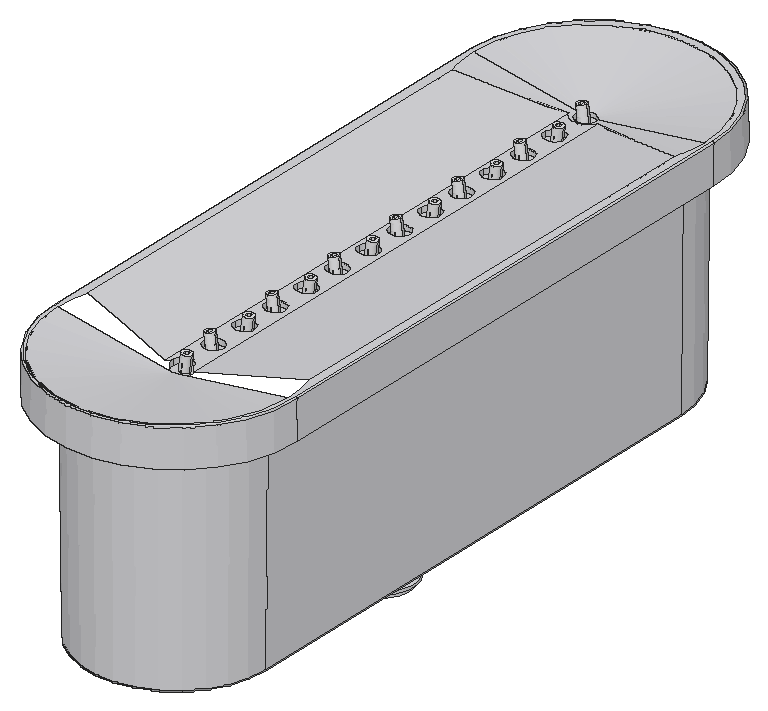
Revit family "Shower-Body_Spray-KOHLER-K-26300T_1", category Plumbing Fixtures, host Face, Revit 2017
Family settings
  Host = Face
  Round Connector Dimension = Use Diameter
  Part Type = Normal
  OmniClass Number = 23.31.17.00
  OmniClass Title = Showers
  Cut with Voids When Loaded = No
  Shared = No
  Room Calculation Point = No
Parameters (values of type "CP- Polished Chrome")
  Width = 3 119/256"  # constant formula
  WaterSense Certified = 1 = 0  # no
  Waste Water Outlet = "Waste Water Outlet"  # constant formula
  Waste Connection = 1 = 0  # no
  Vent Connection = 1 = 0  # no
  URL = "http://www.kohler.com.cn/"
  Type = 1
  Tempered Water Inlet = "Tempered Water Inlet"  # constant formula
  Product Page URL = ""
  Product Name = ""
  Product Documentation Link = ""
  Pressure = 80.00 psi  # constant formula
  Model = if(Type = 1, "K-26300T-CP", if(Type = 2, "K-26300T-BN", if(Type = 3, "K-26300T-BL", if(Type = 4, "K-26300T-2MB", "NA"))))  # "K-26300T-CP"
  Material = "Plastic"  # constant formula
  Master Format 2014 Name = "Residential Showers"  # constant formula
  Master Format 2014 = "22 42 23"  # constant formula
  Manufacturer Address = "Kohler Beijing Office (100016) 36-2-03-B, No. 88, Liuxiang Road, Beijing"  # constant formula
  Manufacturer = "KOHLER Co."  # constant formula
  Length = 10 111/128"  # constant formula
  Hot Water Inlet = "Hot Water Inlet"  # constant formula
  Height = 4 145/256"  # constant formula
  HW Connection = 1 = 1  # yes
  Flow Rate = 2.5 GPM  # constant formula
  Finish = KOHLER-Plastic-CP-Polished_Chrome
  Environmental Product Declaration = ""
  Drain Included = 1 = 0  # no
  Description = "VICHY BODY SPRAY"  # constant formula
  Default Elevation = 42"
  Declare Label = ""
  Date Modified = "02/05/2021"  # constant formula
  Date Created = "02/05/2021"  # constant formula
  Copyright = "Copyright KOHLER Co."  # constant formula
  Contact Us = "http://www.kohler.com.cn/contact/contact-us/"
  Cold Water Inlet = "Cold Water Inlet"  # constant formula
  CW Connection = 1 = 0  # no
  Assembly Code = "D2010700"
  ADA Compliant = 1 = 0  # no
Types (5): name | Type | Model | Finish | Default Elevation
  (no name) | 1 | "K-26300T-CP" | KOHLER-Plastic-CP-Polished_Chrome | 42"
  CP- Polished Chrome | 1 | "K-26300T-CP" | KOHLER-Plastic-CP-Polished_Chrome | 42"
  BN- Roman Silver | 2 | "K-26300T-BN" | KOHLER-Plastic-BN-Vibrant_Brushed_Nickel | 0"
  BL-Primary Black | 3 | "K-26300T-BL" | KOHLER-Plastic-BL-Matte_Black | 0"
  2MB- Brushed Moderne Brass | 4 | "K-26300T-2MB" | KOHLER-Plastic-2MB-Vibrant_Brushed_Moderne_Brass | 0"
Reference planes (in)
  plane 1 "Center (Front/Back)": y = 0
  plane 2: z = 0
  plane 3 "Center (Left/Right)": x = 0
  plane 4: z = -4.01523
  plane 5: z = -3.09055
  plane 6: y = 4.37008
  plane 7: y = 5.43307
  plane 8: y = -5.43412
  plane 9: z = 0.55118
  plane 10: x = -1.73228
  plane 11: x = 1.73256
  plane 12: x = -1.29921
  plane 13: x = 1.29921
  plane 14: y = -4.37008
Forms (in)
  Extrusion 1, void
    sketch origin (0, 0, 0) x (1, 0, 0) y (0, 1, 0)
      loop
        arc (1.65354, 3.70007) -> (0, 5.35361) -> (-1.65354, 3.70007) r 1.65354
        line (-1.65354, 3.70007) -> (-1.65354, -3.70007)
        arc (-1.65354, -3.70007) -> (0, -5.35361) -> (1.65354, -3.70007) r 1.65354
        line (1.65354, -3.70007) -> (1.65354, 3.70007)
    from 0 to -3.38583
Dimensions and locks (in)
  "Length": plane 7 to plane 8
  "Width": plane 10 to plane 11
  plane 6 to plane 14 = 8.74016"
  level to plane 9 = 0.55118"
  level to plane 4 = 4.01523"  (x2)
  level to plane 5 = 3.09055"
  plane 7 to plane 8 = 10 111/128"
  plane 12 to plane 13 = 2.59843"
  plane 9 to level = 0.55118"
  plane 10 to plane 11 = 3 119/256"
  "Height": plane 4 to plane 9
  aligned and locked: plane 2 to host face
  aligned and locked: level to host face
  aligned and locked: plane 3 "Center (Left/Right)" to nested 1
  aligned and locked: plane 1 "Center (Front/Back)" to nested 1
  aligned and locked: nested 1 to level
Automatic sketch dimensions
  host sketch curve to host sketch curve = 96"  (x2)
  Extrusion 1 sketch curve to plane 3 "Center (Left/Right)" = 0"
  Extrusion 1 sketch curve to plane 10 = 0.07874"
  Extrusion 1 sketch curve to plane 14 = 0.67001"
  Extrusion 1 sketch curve to plane 6 = 0.67001"
Nested families (in)
  nested 1: "K-26300T" at (0, 0, -3.38583), type "K-26300T"
Connectors (in)
  piping at (0, 0, -4.01575), diameter 0.5, driven by "Flow Rate", driven by "Pressure", driven by "HW Connection", driven by "Tempered Water Inlet"
    settings: on nested 1, index 1, connector inside diameter 24", connector length 0", flow factor 0, pipe flow 2.5 GPM, pressure drop 80.00 psi, fitting loss kfactor 0, connector angle 0.00°, fixture units 0, engagement length 0", angle of deflection 0.00°, flow configuration 1, flow direction 1, fitting loss method 4, system type 19, joint type 0, gender type 0, connector reference index -1, connector utility 1, adjustable connector no, is connector primary yes, connector description "Tempered Water Inlet"
Definition of nested family "K-26300T"
  Parameters (values of type "K-26300T")
    Material = none
  Reference planes (in)
    plane 1 "Center (Front/Back)": y = 0
    plane 2: z = 0
    plane 3 "Center (Left/Right)": x = 0
    plane 4: y = 5.43307
    plane 5: y = -5.43307
    plane 6: x = -1.73228
    plane 7: x = 1.73228
    plane 8: y = 4.37008
    plane 9: y = -4.37008
    plane 10: z = 3.93701
    plane 11: z = 3.38583
    plane 12: z = 0.29528
    plane 13: z = -0.62992
    plane 14: x = -1.29921
    plane 15: x = 1.29921
  Forms (in)
    Sweep 1, solid, material <- "Material", detail levels medium+fine
      path origin (0, 0, 0) x (1, 0, 0) y (0, 1, 0)
        loop
          arc (1.731, 3.70007) -> (0, 5.43106) -> (-1.731, 3.70007) r 1.731
          line (-1.731, 3.70007) -> (-1.731, -3.70049)
          arc (-1.731, -3.70049) -> (0, -5.43148) -> (1.731, -3.70049) r 1.731
          line (1.731, -3.70049) -> (1.731, 3.70007)
      profile origin (1.731, -0.00021, 0) x (1, 0, 0) y (0, 0, 1)
        loop
          line (0, 3.396) -> (-0.01067, 3.92599)
          arc (-0.01067, 3.92599) -> (-0.01668, 3.93989) -> (-0.03069, 3.94561) r 0.02002
          line (-0.03069, 3.94561) -> (-0.58799, 3.94561) -> (-0.58799, 0.30545) -> (-0.47845, 0.30545)
          arc (-0.47845, 0.30545) -> (-0.46446, 0.31121) -> (-0.45858, 0.32515) r 0.01987
          line (-0.45858, 0.32515) -> (-0.43178, 3.396) -> (0, 3.396)
    Extrusion 2, solid, material <- "Material", detail levels medium+fine
      sketch origin (0, 0, 0) x (1, 0, 0) y (0, 1, 0)
        loop
          arc (-1.143, -3.70049) -> (0, -4.84349) -> (1.143, -3.70049) r 1.143
          line (1.143, -3.70049) -> (1.143, 3.70007)
          arc (1.143, 3.70007) -> (0, 4.84307) -> (-1.143, 3.70007) r 1.143
          line (-1.143, 3.70007) -> (-1.143, -3.70049)
      from 0.30545 to 3.94561
    Extrusion 3, void
      sketch origin (0, 0, 0) x (1, 0, 0) y (0, 0, 1)
        loop
          line (0.20833, 3.72268) -> (1.57581, 3.94561) -> (1.57581, 4.01399) -> (-1.57581, 4.01399) -> (-1.57581, 3.94561) -> (-0.20833, 3.72268) -> (0.20833, 3.72268)
      from -3.72679 to 3.79527
    Revolve 4, void
      sketch origin (0, 0, 0) x (0, 1, 0) y (0, 0, 1)
        loop
          line (-5.83099, 4.01497) -> (-3.75129, 3.68558) -> (-3.75129, 4.01497) -> (-5.83099, 4.01497)
        axis (-3.75129, 4.01497) -> (-3.75129, 3.68558)
      angle from -90 to 270
    Revolve 5, void
      sketch origin (-6.70036, 3.64367, 47.24409) x (-1, 0, 0) y (0, 0, 1)
        loop
          line (-6.69976, -43.55858) -> (-4.99667, -43.28884) -> (-6.69976, -43.28884) -> (-6.69976, -43.55858)
        axis (-6.69976, -43.28884) -> (-6.69976, -43.55858)
      angle from 0 to 360
    Extrusion 6, solid, detail levels medium+fine
      sketch origin (-0.52515, 0, 0.04308) x (0.990268, 0, -0.139173) y (0, 1, 0)
        loop
          circle (0.04432, -0.27499) r 0.07032
        loop
          circle (0.04432, -0.27499) r 0.03271
      from 3.58349 to 3.87596
    Extrusion 7, solid, detail levels medium+fine
      sketch origin (-0.52515, -1.10584, 0.04308) x (0.990268, 0, -0.139173) y (0, 1, 0)
        loop
          circle (0.04432, -0.27499) r 0.07032
        loop
          circle (0.04432, -0.27499) r 0.03271
      from 3.58349 to 3.87596
    Extrusion 8, solid, detail levels medium+fine
      sketch origin (-0.52515, -2.20617, 0.04308) x (0.990268, 0, -0.139173) y (0, 1, 0)
        loop
          circle (0.04432, -0.27499) r 0.07032
        loop
          circle (0.04432, -0.27499) r 0.03271
      from 3.58349 to 3.87596
    Extrusion 9, solid, detail levels medium+fine
      sketch origin (-0.52515, -3.30677, 0.04308) x (0.990268, 0, -0.139173) y (0, 1, 0)
        loop
          circle (0.04432, -0.27499) r 0.07032
        loop
          circle (0.04432, -0.27499) r 0.03271
      from 3.58349 to 3.87596
    Extrusion 10, solid, detail levels medium+fine
      sketch origin (0.52515, -0.55135, 0.04308) x (-0.990268, 0, -0.139173) y (0, -1, 0)
        loop
          circle (0.04432, 0.27499) r 0.07032
        loop
          circle (0.04432, 0.27499) r 0.03271
      from 3.58349 to 3.87596
    Extrusion 11, solid, detail levels medium+fine
      sketch origin (0.52515, -1.64969, 0.04308) x (-0.990268, 0, -0.139173) y (0, -1, 0)
        loop
          circle (0.04432, 0.27499) r 0.07032
        loop
          circle (0.04432, 0.27499) r 0.03271
      from 3.58349 to 3.87596
    Extrusion 12, solid, detail levels medium+fine
      sketch origin (0.52515, -2.75456, 0.04308) x (-0.990268, 0, -0.139173) y (0, -1, 0)
        loop
          circle (0.04432, 0.27499) r 0.07032
        loop
          circle (0.04432, 0.27499) r 0.03271
      from 3.58349 to 3.87596
    Extrusion 13, solid, detail levels medium+fine
      sketch origin (-0.52515, 3.29969, 0.04308) x (0.990268, 0, -0.139173) y (0, 1, 0)
        loop
          circle (0.04432, -0.27499) r 0.07032
        loop
          circle (0.04432, -0.27499) r 0.03271
      from 3.58349 to 3.87596
    Extrusion 14, solid, detail levels medium+fine
      sketch origin (-0.52515, 2.19936, 0.04308) x (0.990268, 0, -0.139173) y (0, 1, 0)
        loop
          circle (0.04432, -0.27499) r 0.07032
        loop
          circle (0.04432, -0.27499) r 0.03271
      from 3.58349 to 3.87596
    Extrusion 15, solid, detail levels medium+fine
      sketch origin (-0.52515, 1.09876, 0.04308) x (0.990268, 0, -0.139173) y (0, 1, 0)
        loop
          circle (0.04432, -0.27499) r 0.07032
        loop
          circle (0.04432, -0.27499) r 0.03271
      from 3.58349 to 3.87596
    Extrusion 16, solid, detail levels medium+fine
      sketch origin (0.52515, 3.85418, 0.04308) x (-0.990268, 0, -0.139173) y (0, -1, 0)
        loop
          circle (0.04432, 0.27499) r 0.07032
        loop
          circle (0.04432, 0.27499) r 0.03271
      from 3.58349 to 3.87596
    Extrusion 17, solid, detail levels medium+fine
      sketch origin (0.52515, 2.75584, 0.04308) x (-0.990268, 0, -0.139173) y (0, -1, 0)
        loop
          circle (0.04432, 0.27499) r 0.07032
        loop
          circle (0.04432, 0.27499) r 0.03271
      from 3.58349 to 3.87596
    Extrusion 18, solid, detail levels medium+fine
      sketch origin (0.52515, 1.65097, 0.04308) x (-0.990268, 0, -0.139173) y (0, -1, 0)
        loop
          circle (0.04432, 0.27499) r 0.07032
        loop
          circle (0.04432, 0.27499) r 0.03271
      from 3.58349 to 3.87596
    Extrusion 19, solid, detail levels medium+fine
      sketch origin (0.52515, -0.00038, 0.04308) x (-0.990268, 0, -0.139173) y (0, -1, 0)
        loop
          circle (0.04432, -0.27499) r 0.07032
        loop
          circle (0.04432, -0.27499) r 0.03271
      from 3.58349 to 3.87596
    Revolve 20, solid, material <- "Material", detail levels medium+fine
      sketch origin (0, 0, 0) x (0, 1, 0) y (0, 0, 1)
        loop
          line (0, 0.30545) -> (0, -0.62992) -> (0.35375, -0.62992) -> (0.35375, -0.58706) -> (0.41982, -0.54892) -> (0.41982, -0.51425) -> (0.35375, -0.47611) -> (0.35375, -0.42836) -> (0.41982, -0.39021) -> (0.41982, -0.35555) -> (0.35375, -0.3174) -> (0.35375, -0.26966) -> (0.41982, -0.23151) -> (0.41982, -0.19685) -> (0.35375, -0.1587) -> (0.35375, -0.11095) -> (0.41982, -0.07281) -> (0.41982, -0.03815) -> (0.35375, 0) -> (0.35375, 0.04775) -> (0.41982, 0.08589) -> (0.41982, 0.12056) -> (0.35375, 0.1587) -> (0.35375, 0.19449) -> (0.41982, 0.23264) -> (0.41982, 0.30545) -> (0, 0.30545)
        axis (0, 0.30545) -> (0, -0.62992)
      angle from 0 to 360
    Extrusion 21, void
      sketch origin (0, 0, 0) x (1, 0, 0) y (0, 1, 0)
        loop
          circle (0, 3.5816) r 0.14425
        loop
          circle (0, 3.0247) r 0.14425
        loop
          circle (0, 2.47508) r 0.14425
        loop
          circle (0, 1.92445) r 0.14425
        loop
          circle (0, 1.37222) r 0.14425
        loop
          circle (0, 0.82377) r 0.14425
        loop
          circle (0, 0.28061) r 0.14425
        loop
          circle (0, -0.27499) r 0.14425
        loop
          circle (0, -0.82721) r 0.14425
        loop
          circle (0, -1.37647) r 0.14425
        loop
          circle (0, -1.93197) r 0.14425
        loop
          circle (0, -2.48127) r 0.14425
        loop
          circle (0, -3.02874) r 0.14425
        loop
          circle (0, -3.58176) r 0.14425
      from 3.65033 to 4.21312
    Extrusion 22, solid, material <- "Material", detail levels coarse
      sketch origin (0, 0, 0) x (1, 0, 0) y (0, 1, 0)
        loop
          line (-1.731, 3.70007) -> (-1.731, -3.70049)
          arc (-1.731, -3.70049) -> (0, -5.43148) -> (1.731, -3.70049) r 1.731
          line (1.731, -3.70049) -> (1.731, 3.70007)
          arc (1.731, 3.70007) -> (0, 5.43106) -> (-1.731, 3.70007) r 1.731
      from 3.396 to 3.94561
    Extrusion 23, solid, material <- "Material", detail levels coarse
      sketch origin (0, 0, 0) x (1, 0, 0) y (0, 1, 0)
        loop
          circle (0, 0) r 0.41982
      from -0.62992 to 0.30545
    Extrusion 24, solid, material <- "Material", detail levels coarse
      sketch origin (0, 0, 0) x (1, 0, 0) y (0, 1, 0)
        loop
          line (-1.29921, 3.70007) -> (-1.29921, -3.70049)
          arc (-1.29921, -3.70049) -> (0, -4.9997) -> (1.29921, -3.70049) r 1.29921
          line (1.29921, -3.70049) -> (1.29921, 3.70007)
          arc (1.29921, 3.70007) -> (0, 4.99928) -> (-1.29921, 3.70007) r 1.29921
      from 0.30545 to 3.396
  Cuts and joins
    Extrusion 3, Revolve 4, Revolve 5, Extrusion 21 cuts Sweep 1
    Extrusion 3, Revolve 4, Revolve 5, Extrusion 21 cuts Extrusion 2
    joined: Sweep 1, Extrusion 2
  Lines and regions (in)
    Masking region 1
      outline origin (0, 0, 0) x (1, 0, 0) y (0, 1, 0)
        loop
          line (1.73228, -3.70173) -> (1.73228, 3.70171)
          arc (1.73228, 3.70171) -> (0, 5.43399) -> (-1.73228, 3.70171) r 1.73228
          line (-1.73228, 3.70171) -> (-1.73228, -3.70173)
          arc (-1.73228, -3.70173) -> (0, -5.43401) -> (1.73228, -3.70173) r 1.73228
    Masking region 2
      outline origin (0, 0, 0) x (1, 0, 0) y (0, 0, 1)
        loop
          line (-0.41996, 0.29528) -> (-0.41996, 0.23264) -> (-0.35389, 0.19449) -> (-0.35389, 0.1587) -> (-0.41996, 0.12056) -> (-0.41996, 0.08589) -> (-0.35389, 0.04775) -> (-0.35389, 0) -> (-0.41996, -0.03815) -> (-0.41996, -0.07281) -> (-0.35389, -0.11095) -> (-0.35389, -0.1587) -> (-0.41996, -0.19685) -> (-0.41996, -0.23151) -> (-0.35389, -0.26966) -> (-0.35389, -0.3174) -> (-0.41996, -0.35555) -> (-0.41996, -0.39021) -> (-0.35389, -0.42836) -> (-0.35389, -0.47611) -> (-0.41996, -0.51425) -> (-0.41996, -0.54892) -> (-0.35389, -0.58706) -> (-0.35389, -0.62992) -> (0.35389, -0.62992) -> (0.35389, -0.58706) -> (0.41996, -0.54892) -> (0.41996, -0.51425) -> (0.35389, -0.47611) -> (0.35389, -0.42836) -> (0.41996, -0.39021) -> (0.41996, -0.35555) -> (0.35389, -0.3174) -> (0.35389, -0.26966) -> (0.41996, -0.23151) -> (0.41996, -0.19685) -> (0.35389, -0.1587) -> (0.35389, -0.11095) -> (0.41996, -0.07281) -> (0.41996, -0.03815) -> (0.35389, 0) -> (0.35389, 0.04775) -> (0.41996, 0.08589) -> (0.41996, 0.12056) -> (0.35389, 0.1587) -> (0.35389, 0.19449) -> (0.41996, 0.23264) -> (0.41996, 0.29528) -> (1.25192, 0.29528)
          arc (1.25192, 0.29528) -> (1.26617, 0.30114) -> (1.27216, 0.31534) r 0.02024
          line (1.27216, 0.31534) -> (1.29895, 3.38583) -> (1.731, 3.38583) -> (1.72052, 3.91676)
          arc (1.72052, 3.91676) -> (1.71433, 3.9311) -> (1.69987, 3.93701) r 0.02066
          line (1.69987, 3.93701) -> (-1.69987, 3.93701)
          arc (-1.69987, 3.93701) -> (-1.71433, 3.9311) -> (-1.72052, 3.91676) r 0.02066
          line (-1.72052, 3.91676) -> (-1.731, 3.38583) -> (-1.29895, 3.38583) -> (-1.27216, 0.31534)
          arc (-1.27216, 0.31534) -> (-1.26617, 0.30114) -> (-1.25192, 0.29528) r 0.02024
          line (-1.25192, 0.29528) -> (-0.41996, 0.29528)
    Masking region 3
      outline origin (0, 0, 0) x (0, 1, 0) y (0, 0, 1)
        loop
          line (0.41982, 0.29528) -> (4.31283, 0.29528)
          arc (4.31283, 0.29528) -> (4.3271, 0.30113) -> (4.33312, 0.31532) r 0.02029
          line (4.33312, 0.31532) -> (4.36994, 3.38583) -> (5.43307, 3.38583) -> (5.42052, 3.91647)
          arc (5.42052, 3.91647) -> (5.41419, 3.93102) -> (5.39949, 3.93701) r 0.02104
          line (5.39949, 3.93701) -> (-5.39949, 3.93701)
          arc (-5.39949, 3.93701) -> (-5.41419, 3.93102) -> (-5.42052, 3.91647) r 0.02104
          line (-5.42052, 3.91647) -> (-5.43307, 3.38583) -> (-4.36994, 3.38583) -> (-4.33313, 0.31533)
          arc (-4.33313, 0.31533) -> (-4.3271, 0.30113) -> (-4.31283, 0.29528) r 0.02029
          line (-4.31283, 0.29528) -> (-0.41982, 0.29528) -> (-0.41982, 0.23264) -> (-0.35375, 0.19449) -> (-0.35375, 0.1587) -> (-0.41982, 0.12056) -> (-0.41982, 0.08589) -> (-0.35375, 0.04775) -> (-0.35375, 0) -> (-0.41982, -0.03815) -> (-0.41982, -0.07281) -> (-0.35375, -0.11095) -> (-0.35375, -0.1587) -> (-0.41982, -0.19685) -> (-0.41982, -0.23151) -> (-0.35375, -0.26966) -> (-0.35375, -0.3174) -> (-0.41982, -0.35555) -> (-0.41982, -0.39021) -> (-0.35375, -0.42836) -> (-0.35375, -0.47611) -> (-0.41982, -0.51425) -> (-0.41982, -0.54892) -> (-0.35375, -0.58706) -> (-0.35375, -0.62992) -> (0.35375, -0.62992) -> (0.35375, -0.58706) -> (0.41982, -0.54892) -> (0.41982, -0.51425) -> (0.35375, -0.47611) -> (0.35375, -0.42836) -> (0.41982, -0.39021) -> (0.41982, -0.35555) -> (0.35375, -0.3174) -> (0.35375, -0.26966) -> (0.41982, -0.23151) -> (0.41982, -0.19685) -> (0.35375, -0.1587) -> (0.35375, -0.11095) -> (0.41982, -0.07281) -> (0.41982, -0.03815) -> (0.35375, 0) -> (0.35375, 0.04775) -> (0.41982, 0.08589) -> (0.41982, 0.12056) -> (0.35375, 0.1587) -> (0.35375, 0.19449) -> (0.41982, 0.23264) -> (0.41982, 0.29528)
    symbolic lines, detail levels medium+fine
      curve 1: arc (1.65354, 3.70007, 0) -> (0, 5.35361, 0) -> (-1.65354, 3.70007, 0) r 1.65354
      curve 2: arc (1.65354, -3.70007, 0) -> (0, -5.35361, 0) -> (-1.65354, -3.70007, 0) r 1.65354
      curve 3: line (-1.65354, -3.70007, 0) -> (-1.65354, 3.70007, 0)
      curve 4: line (1.65354, -3.70007, 0) -> (1.65354, 3.70007, 0)
      curve 5: line (-0.20833, 3.64513, 0) -> (-0.20833, -3.64513, 0)
      curve 6: line (0.20833, -3.64513, 0) -> (0.20833, 3.64513, 0)
      curve 7: arc (-0.20833, -3.64513, 0) -> (0, -3.85346, 0) -> (0.20833, -3.64513, 0) r 0.20833
      curve 8: arc (-0.20833, 3.64513, 0) -> (0, 3.85346, 0) -> (0.20833, 3.64513, 0) r 0.20833
      curve 9: spline (-0.05817, 3.61189, 0) -> (-0.04979, 3.61078, 0) -> (-0.04197, 3.60751, 0) -> (-0.03527, 3.60231, 0) -> (-0.03012, 3.59554, 0) -> (-0.02688, 3.58765, 0) -> (-0.02578, 3.57919, 0) -> (-0.02688, 3.57072, 0) -> (-0.03012, 3.56283, 0) -> (-0.03527, 3.55606, 0) -> (-0.04197, 3.55086, 0) -> (-0.04979, 3.54759, 0) -> (-0.05817, 3.54648, 0) -> (-0.06655, 3.54759, 0) -> (-0.07436, 3.55086, 0) -> (-0.08107, 3.55606, 0) -> (-0.08622, 3.56283, 0) -> (-0.08945, 3.57072, 0) -> (-0.09056, 3.57919, 0) -> (-0.08945, 3.58765, 0) -> (-0.08622, 3.59554, 0) -> (-0.08107, 3.60231, 0) -> (-0.07436, 3.60751, 0) -> (-0.06655, 3.61078, 0) -> (-0.05817, 3.61189, 0)
      curve 10: spline (-0.05817, 3.50887, 0) -> (-0.04015, 3.51126, 0) -> (-0.02335, 3.51829, 0) -> (-0.00893, 3.52946, 0) -> (0.00214, 3.54403, 0) -> (0.00909, 3.56099, 0) -> (0.01147, 3.57919, 0) -> (0.00909, 3.59739, 0) -> (0.00214, 3.61435, 0) -> (-0.00893, 3.62891, 0) -> (-0.02335, 3.64009, 0) -> (-0.04015, 3.64711, 0) -> (-0.05817, 3.64951, 0) -> (-0.07619, 3.64711, 0) -> (-0.09299, 3.64009, 0) -> (-0.10741, 3.62891, 0) -> (-0.11848, 3.61435, 0) -> (-0.12543, 3.59739, 0) -> (-0.12781, 3.57919, 0) -> (-0.12543, 3.56099, 0) -> (-0.11848, 3.54403, 0) -> (-0.10741, 3.52946, 0) -> (-0.09299, 3.51829, 0) -> (-0.07619, 3.51126, 0) -> (-0.05817, 3.50887, 0)
      curve 11: spline (0.05817, 3.05741, 0) -> (0.06655, 3.05629, 0) -> (0.07436, 3.05303, 0) -> (0.08107, 3.04783, 0) -> (0.08622, 3.04105, 0) -> (0.08945, 3.03317, 0) -> (0.09056, 3.0247, 0) -> (0.08945, 3.01624, 0) -> (0.08622, 3.00835, 0) -> (0.08107, 3.00157, 0) -> (0.07436, 2.99638, 0) -> (0.06655, 2.99311, 0) -> (0.05817, 2.99199, 0) -> (0.04979, 2.99311, 0) -> (0.04197, 2.99638, 0) -> (0.03527, 3.00157, 0) -> (0.03012, 3.00835, 0) -> (0.02688, 3.01624, 0) -> (0.02578, 3.0247, 0) -> (0.02688, 3.03317, 0) -> (0.03012, 3.04105, 0) -> (0.03527, 3.04783, 0) -> (0.04197, 3.05303, 0) -> (0.04979, 3.05629, 0) -> (0.05817, 3.05741, 0)
      curve 12: spline (0.05817, 2.95438, 0) -> (0.07619, 2.95678, 0) -> (0.09299, 2.9638, 0) -> (0.10741, 2.97498, 0) -> (0.11848, 2.98954, 0) -> (0.12543, 3.0065, 0) -> (0.12781, 3.0247, 0) -> (0.12543, 3.0429, 0) -> (0.11848, 3.05986, 0) -> (0.10741, 3.07443, 0) -> (0.09299, 3.0856, 0) -> (0.07619, 3.09263, 0) -> (0.05817, 3.09502, 0) -> (0.04015, 3.09263, 0) -> (0.02335, 3.0856, 0) -> (0.00893, 3.07443, 0) -> (-0.00214, 3.05986, 0) -> (-0.00909, 3.0429, 0) -> (-0.01147, 3.0247, 0) -> (-0.00909, 3.0065, 0) -> (-0.00214, 2.98954, 0) -> (0.00893, 2.97498, 0) -> (0.02335, 2.9638, 0) -> (0.04015, 2.95678, 0) -> (0.05817, 2.95438, 0)
      curve 13: spline (-0.05817, 2.51356, 0) -> (-0.04979, 2.51244, 0) -> (-0.04197, 2.50918, 0) -> (-0.03527, 2.50398, 0) -> (-0.03012, 2.4972, 0) -> (-0.02688, 2.48932, 0) -> (-0.02578, 2.48085, 0) -> (-0.02688, 2.47239, 0) -> (-0.03012, 2.4645, 0) -> (-0.03527, 2.45772, 0) -> (-0.04197, 2.45253, 0) -> (-0.04979, 2.44926, 0) -> (-0.05817, 2.44814, 0) -> (-0.06655, 2.44926, 0) -> (-0.07436, 2.45253, 0) -> (-0.08107, 2.45772, 0) -> (-0.08622, 2.4645, 0) -> (-0.08945, 2.47239, 0) -> (-0.09056, 2.48085, 0) -> (-0.08945, 2.48932, 0) -> (-0.08622, 2.4972, 0) -> (-0.08107, 2.50398, 0) -> (-0.07436, 2.50918, 0) -> (-0.06655, 2.51244, 0) -> (-0.05817, 2.51356, 0)
      curve 14: spline (-0.05817, 2.41053, 0) -> (-0.04015, 2.41293, 0) -> (-0.02335, 2.41995, 0) -> (-0.00893, 2.43113, 0) -> (0.00214, 2.44569, 0) -> (0.00909, 2.46265, 0) -> (0.01147, 2.48085, 0) -> (0.00909, 2.49905, 0) -> (0.00214, 2.51601, 0) -> (-0.00893, 2.53058, 0) -> (-0.02335, 2.54175, 0) -> (-0.04015, 2.54878, 0) -> (-0.05817, 2.55117, 0) -> (-0.07619, 2.54878, 0) -> (-0.09299, 2.54175, 0) -> (-0.10741, 2.53058, 0) -> (-0.11848, 2.51601, 0) -> (-0.12543, 2.49905, 0) -> (-0.12781, 2.48085, 0) -> (-0.12543, 2.46265, 0) -> (-0.11848, 2.44569, 0) -> (-0.10741, 2.43113, 0) -> (-0.09299, 2.41995, 0) -> (-0.07619, 2.41293, 0) -> (-0.05817, 2.41053, 0)
      curve 15: spline (0.05817, 1.95708, 0) -> (0.06655, 1.95596, 0) -> (0.07436, 1.9527, 0) -> (0.08107, 1.9475, 0) -> (0.08622, 1.94072, 0) -> (0.08945, 1.93284, 0) -> (0.09056, 1.92437, 0) -> (0.08945, 1.91591, 0) -> (0.08622, 1.90802, 0) -> (0.08107, 1.90124, 0) -> (0.07436, 1.89605, 0) -> (0.06655, 1.89278, 0) -> (0.05817, 1.89166, 0) -> (0.04979, 1.89278, 0) -> (0.04197, 1.89605, 0) -> (0.03527, 1.90124, 0) -> (0.03012, 1.90802, 0) -> (0.02688, 1.91591, 0) -> (0.02578, 1.92437, 0) -> (0.02688, 1.93284, 0) -> (0.03012, 1.94072, 0) -> (0.03527, 1.9475, 0) -> (0.04197, 1.9527, 0) -> (0.04979, 1.95596, 0) -> (0.05817, 1.95708, 0)
      curve 16: spline (0.05817, 1.85405, 0) -> (0.07619, 1.85645, 0) -> (0.09299, 1.86347, 0) -> (0.10741, 1.87465, 0) -> (0.11848, 1.88921, 0) -> (0.12543, 1.90617, 0) -> (0.12781, 1.92437, 0) -> (0.12543, 1.94257, 0) -> (0.11848, 1.95953, 0) -> (0.10741, 1.97409, 0) -> (0.09299, 1.98527, 0) -> (0.07619, 1.9923, 0) -> (0.05817, 1.99469, 0) -> (0.04015, 1.9923, 0) -> (0.02335, 1.98527, 0) -> (0.00893, 1.97409, 0) -> (-0.00214, 1.95953, 0) -> (-0.00909, 1.94257, 0) -> (-0.01147, 1.92437, 0) -> (-0.00909, 1.90617, 0) -> (-0.00214, 1.88921, 0) -> (0.00893, 1.87465, 0) -> (0.02335, 1.86347, 0) -> (0.04015, 1.85645, 0) -> (0.05817, 1.85405, 0)
      curve 17: spline (-0.05817, 1.40868, 0) -> (-0.04979, 1.40757, 0) -> (-0.04197, 1.4043, 0) -> (-0.03527, 1.3991, 0) -> (-0.03012, 1.39233, 0) -> (-0.02688, 1.38444, 0) -> (-0.02578, 1.37598, 0) -> (-0.02688, 1.36751, 0) -> (-0.03012, 1.35962, 0) -> (-0.03527, 1.35285, 0) -> (-0.04197, 1.34765, 0) -> (-0.04979, 1.34438, 0) -> (-0.05817, 1.34327, 0) -> (-0.06655, 1.34438, 0) -> (-0.07436, 1.34765, 0) -> (-0.08107, 1.35285, 0) -> (-0.08622, 1.35962, 0) -> (-0.08945, 1.36751, 0) -> (-0.09056, 1.37598, 0) -> (-0.08945, 1.38444, 0) -> (-0.08622, 1.39233, 0) -> (-0.08107, 1.3991, 0) -> (-0.07436, 1.4043, 0) -> (-0.06655, 1.40757, 0) -> (-0.05817, 1.40868, 0)
      curve 18: spline (-0.05817, 1.30566, 0) -> (-0.04015, 1.30805, 0) -> (-0.02335, 1.31508, 0) -> (-0.00893, 1.32625, 0) -> (0.00214, 1.34082, 0) -> (0.00909, 1.35778, 0) -> (0.01147, 1.37598, 0) -> (0.00909, 1.39418, 0) -> (0.00214, 1.41114, 0) -> (-0.00893, 1.4257, 0) -> (-0.02335, 1.43688, 0) -> (-0.04015, 1.4439, 0) -> (-0.05817, 1.4463, 0) -> (-0.07619, 1.4439, 0) -> (-0.09299, 1.43688, 0) -> (-0.10741, 1.4257, 0) -> (-0.11848, 1.41114, 0) -> (-0.12543, 1.39418, 0) -> (-0.12781, 1.37598, 0) -> (-0.12543, 1.35778, 0) -> (-0.11848, 1.34082, 0) -> (-0.10741, 1.32625, 0) -> (-0.09299, 1.31508, 0) -> (-0.07619, 1.30805, 0) -> (-0.05817, 1.30566, 0)
      curve 19: spline (0.05817, 0.85647, 0) -> (0.06655, 0.85536, 0) -> (0.07436, 0.85209, 0) -> (0.08107, 0.84689, 0) -> (0.08622, 0.84012, 0) -> (0.08945, 0.83223, 0) -> (0.09056, 0.82377, 0) -> (0.08945, 0.8153, 0) -> (0.08622, 0.80741, 0) -> (0.08107, 0.80064, 0) -> (0.07436, 0.79544, 0) -> (0.06655, 0.79217, 0) -> (0.05817, 0.79106, 0) -> (0.04979, 0.79217, 0) -> (0.04197, 0.79544, 0) -> (0.03527, 0.80064, 0) -> (0.03012, 0.80741, 0) -> (0.02688, 0.8153, 0) -> (0.02578, 0.82377, 0) -> (0.02688, 0.83223, 0) -> (0.03012, 0.84012, 0) -> (0.03527, 0.84689, 0) -> (0.04197, 0.85209, 0) -> (0.04979, 0.85536, 0) -> (0.05817, 0.85647, 0)
      curve 20: spline (0.05817, 0.75345, 0) -> (0.07619, 0.75584, 0) -> (0.09299, 0.76287, 0) -> (0.10741, 0.77404, 0) -> (0.11848, 0.78861, 0) -> (0.12543, 0.80557, 0) -> (0.12781, 0.82377, 0) -> (0.12543, 0.84197, 0) -> (0.11848, 0.85893, 0) -> (0.10741, 0.87349, 0) -> (0.09299, 0.88467, 0) -> (0.07619, 0.89169, 0) -> (0.05817, 0.89409, 0) -> (0.04015, 0.89169, 0) -> (0.02335, 0.88467, 0) -> (0.00893, 0.87349, 0) -> (-0.00214, 0.85893, 0) -> (-0.00909, 0.84197, 0) -> (-0.01147, 0.82377, 0) -> (-0.00909, 0.80557, 0) -> (-0.00214, 0.78861, 0) -> (0.00893, 0.77404, 0) -> (0.02335, 0.76287, 0) -> (0.04015, 0.75584, 0) -> (0.05817, 0.75345, 0)
      curve 21: spline (-0.05817, 0.30732, 0) -> (-0.04979, 0.3062, 0) -> (-0.04197, 0.30293, 0) -> (-0.03527, 0.29774, 0) -> (-0.03012, 0.29096, 0) -> (-0.02688, 0.28307, 0) -> (-0.02578, 0.27461, 0) -> (-0.02688, 0.26614, 0) -> (-0.03012, 0.25826, 0) -> (-0.03527, 0.25148, 0) -> (-0.04197, 0.24628, 0) -> (-0.04979, 0.24302, 0) -> (-0.05817, 0.2419, 0) -> (-0.06655, 0.24302, 0) -> (-0.07436, 0.24628, 0) -> (-0.08107, 0.25148, 0) -> (-0.08622, 0.25826, 0) -> (-0.08945, 0.26614, 0) -> (-0.09056, 0.27461, 0) -> (-0.08945, 0.28307, 0) -> (-0.08622, 0.29096, 0) -> (-0.08107, 0.29774, 0) -> (-0.07436, 0.30293, 0) -> (-0.06655, 0.3062, 0) -> (-0.05817, 0.30732, 0)
      curve 22: spline (-0.05817, 0.20429, 0) -> (-0.04015, 0.20669, 0) -> (-0.02335, 0.21371, 0) -> (-0.00893, 0.22489, 0) -> (0.00214, 0.23945, 0) -> (0.00909, 0.25641, 0) -> (0.01147, 0.27461, 0) -> (0.00909, 0.29281, 0) -> (0.00214, 0.30977, 0) -> (-0.00893, 0.32433, 0) -> (-0.02335, 0.33551, 0) -> (-0.04015, 0.34253, 0) -> (-0.05817, 0.34493, 0) -> (-0.07619, 0.34253, 0) -> (-0.09299, 0.33551, 0) -> (-0.10741, 0.32433, 0) -> (-0.11848, 0.30977, 0) -> (-0.12543, 0.29281, 0) -> (-0.12781, 0.27461, 0) -> (-0.12543, 0.25641, 0) -> (-0.11848, 0.23945, 0) -> (-0.10741, 0.22489, 0) -> (-0.09299, 0.21371, 0) -> (-0.07619, 0.20669, 0) -> (-0.05817, 0.20429, 0)
      curve 23: spline (0.05817, -0.24228, 0) -> (0.06655, -0.2434, 0) -> (0.07436, -0.24666, 0) -> (0.08107, -0.25186, 0) -> (0.08622, -0.25864, 0) -> (0.08945, -0.26652, 0) -> (0.09056, -0.27499, 0) -> (0.08945, -0.28345, 0) -> (0.08622, -0.29134, 0) -> (0.08107, -0.29812, 0) -> (0.07436, -0.30331, 0) -> (0.06655, -0.30658, 0) -> (0.05817, -0.3077, 0) -> (0.04979, -0.30658, 0) -> (0.04197, -0.30331, 0) -> (0.03527, -0.29812, 0) -> (0.03012, -0.29134, 0) -> (0.02688, -0.28345, 0) -> (0.02578, -0.27499, 0) -> (0.02688, -0.26652, 0) -> (0.03012, -0.25864, 0) -> (0.03527, -0.25186, 0) -> (0.04197, -0.24666, 0) -> (0.04979, -0.2434, 0) -> (0.05817, -0.24228, 0)
      curve 24: spline (0.05817, -0.34531, 0) -> (0.07619, -0.34291, 0) -> (0.09299, -0.33589, 0) -> (0.10741, -0.32471, 0) -> (0.11848, -0.31015, 0) -> (0.12543, -0.29319, 0) -> (0.12781, -0.27499, 0) -> (0.12543, -0.25679, 0) -> (0.11848, -0.23983, 0) -> (0.10741, -0.22526, 0) -> (0.09299, -0.21409, 0) -> (0.07619, -0.20706, 0) -> (0.05817, -0.20467, 0) -> (0.04015, -0.20706, 0) -> (0.02335, -0.21409, 0) -> (0.00893, -0.22526, 0) -> (-0.00214, -0.23983, 0) -> (-0.00909, -0.25679, 0) -> (-0.01147, -0.27499, 0) -> (-0.00909, -0.29319, 0) -> (-0.00214, -0.31015, 0) -> (0.00893, -0.32471, 0) -> (0.02335, -0.33589, 0) -> (0.04015, -0.34291, 0) -> (0.05817, -0.34531, 0)
      curve 25: spline (-0.05817, -0.79363, 0) -> (-0.04979, -0.79475, 0) -> (-0.04197, -0.79802, 0) -> (-0.03527, -0.80321, 0) -> (-0.03012, -0.80999, 0) -> (-0.02688, -0.81788, 0) -> (-0.02578, -0.82634, 0) -> (-0.02688, -0.83481, 0) -> (-0.03012, -0.8427, 0) -> (-0.03527, -0.84947, 0) -> (-0.04197, -0.85467, 0) -> (-0.04979, -0.85793, 0) -> (-0.05817, -0.85905, 0) -> (-0.06655, -0.85793, 0) -> (-0.07436, -0.85467, 0) -> (-0.08107, -0.84947, 0) -> (-0.08622, -0.8427, 0) -> (-0.08945, -0.83481, 0) -> (-0.09056, -0.82634, 0) -> (-0.08945, -0.81788, 0) -> (-0.08622, -0.80999, 0) -> (-0.08107, -0.80321, 0) -> (-0.07436, -0.79802, 0) -> (-0.06655, -0.79475, 0) -> (-0.05817, -0.79363, 0)
      curve 26: spline (-0.05817, -0.89666, 0) -> (-0.04015, -0.89427, 0) -> (-0.02335, -0.88724, 0) -> (-0.00893, -0.87607, 0) -> (0.00214, -0.8615, 0) -> (0.00909, -0.84454, 0) -> (0.01147, -0.82634, 0) -> (0.00909, -0.80814, 0) -> (0.00214, -0.79118, 0) -> (-0.00893, -0.77662, 0) -> (-0.02335, -0.76544, 0) -> (-0.04015, -0.75842, 0) -> (-0.05817, -0.75602, 0) -> (-0.07619, -0.75842, 0) -> (-0.09299, -0.76544, 0) -> (-0.10741, -0.77662, 0) -> (-0.11848, -0.79118, 0) -> (-0.12543, -0.80814, 0) -> (-0.12781, -0.82634, 0) -> (-0.12543, -0.84454, 0) -> (-0.11848, -0.8615, 0) -> (-0.10741, -0.87607, 0) -> (-0.09299, -0.88724, 0) -> (-0.07619, -0.89427, 0) -> (-0.05817, -0.89666, 0)
      curve 27: spline (0.05817, -1.34812, 0) -> (0.06655, -1.34923, 0) -> (0.07436, -1.3525, 0) -> (0.08107, -1.3577, 0) -> (0.08622, -1.36447, 0) -> (0.08945, -1.37236, 0) -> (0.09056, -1.38083, 0) -> (0.08945, -1.38929, 0) -> (0.08622, -1.39718, 0) -> (0.08107, -1.40396, 0) -> (0.07436, -1.40915, 0) -> (0.06655, -1.41242, 0) -> (0.05817, -1.41353, 0) -> (0.04979, -1.41242, 0) -> (0.04197, -1.40915, 0) -> (0.03527, -1.40396, 0) -> (0.03012, -1.39718, 0) -> (0.02688, -1.38929, 0) -> (0.02578, -1.38083, 0) -> (0.02688, -1.37236, 0) -> (0.03012, -1.36447, 0) -> (0.03527, -1.3577, 0) -> (0.04197, -1.3525, 0) -> (0.04979, -1.34923, 0) -> (0.05817, -1.34812, 0)
      curve 28: spline (0.05817, -1.45115, 0) -> (0.07619, -1.44875, 0) -> (0.09299, -1.44173, 0) -> (0.10741, -1.43055, 0) -> (0.11848, -1.41599, 0) -> (0.12543, -1.39903, 0) -> (0.12781, -1.38083, 0) -> (0.12543, -1.36263, 0) -> (0.11848, -1.34567, 0) -> (0.10741, -1.3311, 0) -> (0.09299, -1.31993, 0) -> (0.07619, -1.3129, 0) -> (0.05817, -1.31051, 0) -> (0.04015, -1.3129, 0) -> (0.02335, -1.31993, 0) -> (0.00893, -1.3311, 0) -> (-0.00214, -1.34567, 0) -> (-0.00909, -1.36263, 0) -> (-0.01147, -1.38083, 0) -> (-0.00909, -1.39903, 0) -> (-0.00214, -1.41599, 0) -> (0.00893, -1.43055, 0) -> (0.02335, -1.44173, 0) -> (0.04015, -1.44875, 0) -> (0.05817, -1.45115, 0)
      curve 29: spline (-0.05817, -1.89197, 0) -> (-0.04979, -1.89308, 0) -> (-0.04197, -1.89635, 0) -> (-0.03527, -1.90155, 0) -> (-0.03012, -1.90832, 0) -> (-0.02688, -1.91621, 0) -> (-0.02578, -1.92468, 0) -> (-0.02688, -1.93314, 0) -> (-0.03012, -1.94103, 0) -> (-0.03527, -1.94781, 0) -> (-0.04197, -1.953, 0) -> (-0.04979, -1.95627, 0) -> (-0.05817, -1.95738, 0) -> (-0.06655, -1.95627, 0) -> (-0.07436, -1.953, 0) -> (-0.08107, -1.94781, 0) -> (-0.08622, -1.94103, 0) -> (-0.08945, -1.93314, 0) -> (-0.09056, -1.92468, 0) -> (-0.08945, -1.91621, 0) -> (-0.08622, -1.90832, 0) -> (-0.08107, -1.90155, 0) -> (-0.07436, -1.89635, 0) -> (-0.06655, -1.89308, 0) -> (-0.05817, -1.89197, 0)
      curve 30: spline (-0.05817, -1.995, 0) -> (-0.04015, -1.9926, 0) -> (-0.02335, -1.98558, 0) -> (-0.00893, -1.9744, 0) -> (0.00214, -1.95984, 0) -> (0.00909, -1.94288, 0) -> (0.01147, -1.92468, 0) -> (0.00909, -1.90648, 0) -> (0.00214, -1.88952, 0) -> (-0.00893, -1.87495, 0) -> (-0.02335, -1.86378, 0) -> (-0.04015, -1.85675, 0) -> (-0.05817, -1.85436, 0) -> (-0.07619, -1.85675, 0) -> (-0.09299, -1.86378, 0) -> (-0.10741, -1.87495, 0) -> (-0.11848, -1.88952, 0) -> (-0.12543, -1.90648, 0) -> (-0.12781, -1.92468, 0) -> (-0.12543, -1.94288, 0) -> (-0.11848, -1.95984, 0) -> (-0.10741, -1.9744, 0) -> (-0.09299, -1.98558, 0) -> (-0.07619, -1.9926, 0) -> (-0.05817, -1.995, 0)
      curve 31: spline (0.05817, -2.44845, 0) -> (0.06655, -2.44957, 0) -> (0.07436, -2.45283, 0) -> (0.08107, -2.45803, 0) -> (0.08622, -2.4648, 0) -> (0.08945, -2.47269, 0) -> (0.09056, -2.48116, 0) -> (0.08945, -2.48962, 0) -> (0.08622, -2.49751, 0) -> (0.08107, -2.50429, 0) -> (0.07436, -2.50948, 0) -> (0.06655, -2.51275, 0) -> (0.05817, -2.51387, 0) -> (0.04979, -2.51275, 0) -> (0.04197, -2.50948, 0) -> (0.03527, -2.50429, 0) -> (0.03012, -2.49751, 0) -> (0.02688, -2.48962, 0) -> (0.02578, -2.48116, 0) -> (0.02688, -2.47269, 0) -> (0.03012, -2.4648, 0) -> (0.03527, -2.45803, 0) -> (0.04197, -2.45283, 0) -> (0.04979, -2.44957, 0) -> (0.05817, -2.44845, 0)
      curve 32: spline (0.05817, -2.55148, 0) -> (0.07619, -2.54908, 0) -> (0.09299, -2.54206, 0) -> (0.10741, -2.53088, 0) -> (0.11848, -2.51632, 0) -> (0.12543, -2.49936, 0) -> (0.12781, -2.48116, 0) -> (0.12543, -2.46296, 0) -> (0.11848, -2.446, 0) -> (0.10741, -2.43143, 0) -> (0.09299, -2.42026, 0) -> (0.07619, -2.41323, 0) -> (0.05817, -2.41084, 0) -> (0.04015, -2.41323, 0) -> (0.02335, -2.42026, 0) -> (0.00893, -2.43143, 0) -> (-0.00214, -2.446, 0) -> (-0.00909, -2.46296, 0) -> (-0.01147, -2.48116, 0) -> (-0.00909, -2.49936, 0) -> (-0.00214, -2.51632, 0) -> (0.00893, -2.53088, 0) -> (0.02335, -2.54206, 0) -> (0.04015, -2.54908, 0) -> (0.05817, -2.55148, 0)
      curve 33: spline (-0.05817, -2.99685, 0) -> (-0.04979, -2.99796, 0) -> (-0.04197, -3.00123, 0) -> (-0.03527, -3.00642, 0) -> (-0.03012, -3.0132, 0) -> (-0.02688, -3.02109, 0) -> (-0.02578, -3.02955, 0) -> (-0.02688, -3.03802, 0) -> (-0.03012, -3.04591, 0) -> (-0.03527, -3.05268, 0) -> (-0.04197, -3.05788, 0) -> (-0.04979, -3.06115, 0) -> (-0.05817, -3.06226, 0) -> (-0.06655, -3.06115, 0) -> (-0.07436, -3.05788, 0) -> (-0.08107, -3.05268, 0) -> (-0.08622, -3.04591, 0) -> (-0.08945, -3.03802, 0) -> (-0.09056, -3.02955, 0) -> (-0.08945, -3.02109, 0) -> (-0.08622, -3.0132, 0) -> (-0.08107, -3.00642, 0) -> (-0.07436, -3.00123, 0) -> (-0.06655, -2.99796, 0) -> (-0.05817, -2.99685, 0)
      curve 34: spline (-0.05817, -3.09987, 0) -> (-0.04015, -3.09748, 0) -> (-0.02335, -3.09045, 0) -> (-0.00893, -3.07928, 0) -> (0.00214, -3.06471, 0) -> (0.00909, -3.04775, 0) -> (0.01147, -3.02955, 0) -> (0.00909, -3.01135, 0) -> (0.00214, -2.99439, 0) -> (-0.00893, -2.97983, 0) -> (-0.02335, -2.96865, 0) -> (-0.04015, -2.96163, 0) -> (-0.05817, -2.95923, 0) -> (-0.07619, -2.96163, 0) -> (-0.09299, -2.96865, 0) -> (-0.10741, -2.97983, 0) -> (-0.11848, -2.99439, 0) -> (-0.12543, -3.01135, 0) -> (-0.12781, -3.02955, 0) -> (-0.12543, -3.04775, 0) -> (-0.11848, -3.06471, 0) -> (-0.10741, -3.07928, 0) -> (-0.09299, -3.09045, 0) -> (-0.07619, -3.09748, 0) -> (-0.05817, -3.09987, 0)
      curve 35: spline (0.05471, -3.54905, 0) -> (0.0631, -3.55017, 0) -> (0.07091, -3.55344, 0) -> (0.07761, -3.55863, 0) -> (0.08276, -3.56541, 0) -> (0.086, -3.5733, 0) -> (0.0871, -3.58176, 0) -> (0.086, -3.59023, 0) -> (0.08276, -3.59812, 0) -> (0.07761, -3.60489, 0) -> (0.07091, -3.61009, 0) -> (0.0631, -3.61335, 0) -> (0.05471, -3.61447, 0) -> (0.04633, -3.61335, 0) -> (0.03852, -3.61009, 0) -> (0.03181, -3.60489, 0) -> (0.02666, -3.59812, 0) -> (0.02343, -3.59023, 0) -> (0.02232, -3.58176, 0) -> (0.02343, -3.5733, 0) -> (0.02666, -3.56541, 0) -> (0.03181, -3.55863, 0) -> (0.03852, -3.55344, 0) -> (0.04633, -3.55017, 0) -> (0.05471, -3.54905, 0)
      curve 36: spline (0.05471, -3.65208, 0) -> (0.07274, -3.64969, 0) -> (0.08953, -3.64266, 0) -> (0.10395, -3.63149, 0) -> (0.11502, -3.61692, 0) -> (0.12198, -3.59996, 0) -> (0.12435, -3.58176, 0) -> (0.12198, -3.56356, 0) -> (0.11502, -3.5466, 0) -> (0.10395, -3.53204, 0) -> (0.08953, -3.52086, 0) -> (0.07274, -3.51384, 0) -> (0.05471, -3.51144, 0) -> (0.03669, -3.51384, 0) -> (0.01989, -3.52086, 0) -> (0.00547, -3.53204, 0) -> (-0.00559, -3.5466, 0) -> (-0.01255, -3.56356, 0) -> (-0.01492, -3.58176, 0) -> (-0.01255, -3.59996, 0) -> (-0.00559, -3.61692, 0) -> (0.00547, -3.63149, 0) -> (0.01989, -3.64266, 0) -> (0.03669, -3.64969, 0) -> (0.05471, -3.65208, 0)
      curve 37: circle (0, 3.5816, 0) r 0.14425 normal (0, 0, 1)
      curve 38: circle (0, 3.0247, 0) r 0.14425 normal (0, 0, 1)
      curve 39: circle (0, 2.47508, 0) r 0.14425 normal (0, 0, 1)
      curve 40: circle (0, 1.92445, 0) r 0.14425 normal (0, 0, 1)
      curve 41: circle (0, 1.37222, 0) r 0.14425 normal (0, 0, 1)
      curve 42: circle (0, 0.82377, 0) r 0.14425 normal (0, 0, 1)
      curve 43: circle (0, 0.28061, 0) r 0.14425 normal (0, 0, 1)
      curve 44: circle (0, -0.27499, 0) r 0.14425 normal (0, 0, 1)
      curve 45: circle (0, -0.82721, 0) r 0.14425 normal (0, 0, 1)
      curve 46: circle (0, -1.37647, 0) r 0.14425 normal (0, 0, 1)
      curve 47: circle (0, -1.93197, 0) r 0.14425 normal (0, 0, 1)
      curve 48: circle (0, -2.48127, 0) r 0.14425 normal (0, 0, 1)
      curve 49: circle (0, -3.02874, 0) r 0.14425 normal (0, 0, 1)
      curve 50: circle (0, -3.58176, 0) r 0.14425 normal (0, 0, 1)
      curve 51: line (-1.29912, 0, 3.38583) -> (1.29912, 0, 3.38583)
      curve 52: line (-0.41996, 0, 0.23272) -> (0.41996, 0, 0.23272)
      curve 53: line (-0.35375, 0, 0.19449) -> (0.35375, 0, 0.19449)
      curve 54: line (-0.35375, 0, 0.1587) -> (0.35375, 0, 0.1587)
      curve 55: line (-0.41996, 0, 0.12087) -> (0.41996, 0, 0.12087)
      curve 56: line (-0.41996, 0, 0.08598) -> (0.41996, 0, 0.08598)
      curve 57: line (-0.35375, 0, 0.04775) -> (0.35375, 0, 0.04775)
      curve 58: line (0, 0.41982, 0.23264) -> (0, -0.41982, 0.23264)
      curve 59: line (0, 0.35375, 0.19449) -> (0, -0.35375, 0.19449)
      curve 60: line (0, 0.35375, 0.1587) -> (0, -0.35375, 0.1587)
      curve 61: line (0, 0.41982, 0.12056) -> (0, -0.41982, 0.12056)
      curve 62: line (0, 0.41982, 0.08589) -> (0, -0.41982, 0.08589)
      curve 63: line (0, 0.35375, 0.04775) -> (0, -0.35375, 0.04775)
      curve 64: line (0, 5.00911, 3.38583) -> (0, -5.00911, 3.38583)
      curve 65: line (0, 0.35375, 0) -> (0, -0.35375, 0)
      curve 66: line (0, 0.41982, -0.07281) -> (0, -0.41982, -0.07281)
      curve 67: line (0, 0.41982, -0.03815) -> (0, -0.41982, -0.03815)
      curve 68: line (0, 0.35375, -0.11095) -> (0, -0.35375, -0.11095)
      curve 69: line (0, 0.35375, -0.1587) -> (0, -0.35375, -0.1587)
      curve 70: line (0, 0.41982, -0.19685) -> (0, -0.41982, -0.19685)
      curve 71: line (0, 0.41982, -0.23151) -> (0, -0.41982, -0.23151)
      curve 72: line (0, 0.35375, -0.26966) -> (0, -0.35375, -0.26966)
      curve 73: line (0, 0.35375, -0.3174) -> (0, -0.35375, -0.3174)
      curve 74: line (0, 0.41982, -0.35555) -> (0, -0.41982, -0.35555)
      curve 75: line (0, 0.41982, -0.39021) -> (0, -0.41982, -0.39021)
      curve 76: line (0, 0.35375, -0.42836) -> (0, -0.35375, -0.42836)
      curve 77: line (0, 0.35375, -0.47611) -> (0, -0.35375, -0.47611)
      curve 78: line (0, 0.41982, -0.51425) -> (0, -0.41982, -0.51425)
      curve 79: line (0, 0.41982, -0.54892) -> (0, -0.41982, -0.54892)
      curve 80: line (0, 0.35375, -0.58706) -> (0, -0.35375, -0.58706)
      curve 81: line (0, 0.41982, 0.29528) -> (0, -0.41982, 0.29528)
      curve 82: line (-0.41996, 0, 0.29528) -> (0.41996, 0, 0.29528)
      curve 83: line (-0.35375, 0, 0) -> (0.35375, 0, 0)
      curve 84: line (-0.41996, 0, -0.03815) -> (0.41996, 0, -0.03815)
      curve 85: line (-0.41996, 0, -0.07281) -> (0.41996, 0, -0.07281)
      curve 86: line (-0.35389, 0, -0.11095) -> (0.35389, 0, -0.11095)
      curve 87: line (-0.35389, 0, -0.1587) -> (0.35389, 0, -0.1587)
      curve 88: line (-0.41996, 0, -0.19685) -> (0.41996, 0, -0.19685)
      curve 89: line (-0.41996, 0, -0.23151) -> (0.41996, 0, -0.23151)
      curve 90: line (-0.35389, 0, -0.26966) -> (0.35389, 0, -0.26966)
      curve 91: line (-0.35389, 0, -0.3174) -> (0.35389, 0, -0.3174)
      curve 92: line (-0.41996, 0, -0.35555) -> (0.41996, 0, -0.35555)
      curve 93: line (-0.41996, 0, -0.39021) -> (0.41996, 0, -0.39021)
      curve 94: line (-0.35389, 0, -0.42836) -> (0.35389, 0, -0.42836)
      curve 95: line (-0.35389, 0, -0.47611) -> (0.35389, 0, -0.47611)
      curve 96: line (-0.41996, 0, -0.51425) -> (0.41996, 0, -0.51425)
      curve 97: line (-0.41996, 0, -0.54892) -> (0.41996, 0, -0.54892)
      curve 98: line (-0.35389, 0, -0.58706) -> (0.35389, 0, -0.58706)
  Dimensions and locks (in)
    aligned and locked: level to plane 2
